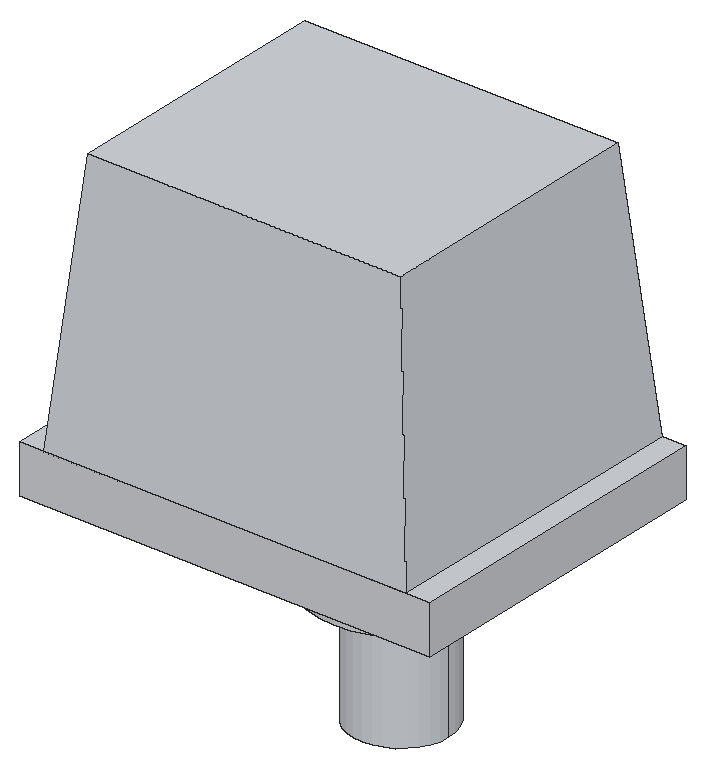
Revit family "82b4d1dfb58847c2bce0806a6144c22a", category Pipe Accessories, Revit 2021
Family settings
  Round Connector Dimension = Use Radius
  Part Type = Sensor
  OmniClass Number = 23.85.30.21.11.17
  OmniClass Title = Other Components
  Seek Item ID = Alarm Pressure Switch-0000-USA-ENU
  Work Plane-Based = No
  Always vertical = Yes
  Cut with Voids When Loaded = No
  Shared = No
Parameters (values of type "1"")
  Switch Width = 0' - 3 83/256"
  Switch Material = none
  Switch Length = 0' - 4 1/4"
  Switch Heigth = 0' - 5 1/8"
  Pipe Material = none
  Nominal Radius = 1/2"
  Nominal Diameter = Nominal Radius * 2  # 1"
  Default Elevation = 0' - 0"
Reference planes (in)
  plane 1 "Center (Front/Back)": y = 0
  plane 2: z = 0
  plane 3 "Center (Left/Right)": x = 0
  plane 4: z = 1.25
  plane 5: z = 1.875
  plane 6: y = 1.66211
  plane 7: y = -1.66211
  plane 8: x = 1.625
  plane 9: x = -2.625
  plane 10: z = 2.375
  plane 11: x = -2.375
  plane 12: x = 1.375
  plane 13: x = -2.125
  plane 14: x = 1.125
  plane 15: y = 1.41211
  plane 16: y = -1.41211
  plane 17: z = 5.125
  plane 18: x = -0.875
  plane 19: x = 0.875
  plane 20: z = 3.75
Forms (in)
  Extrusion 1, solid, material <- "Pipe Material", detail levels fine
    sketch origin (0, 0, 0) x (1, 0, 0) y (0, 1, 0)
      loop
        circle (0, 0) r 0.5
    from 0 to 1.25
  Extrusion 2, solid, material <- "Pipe Material", detail levels fine
    sketch origin (0, 0, 0) x (1, 0, 0) y (0, 1, 0)
      loop
        circle (0, 0) r 0.875
    from 1.25 to 1.875
  Extrusion 3, solid, material <- "Pipe Material", detail levels fine
    sketch origin (0, 0, 0) x (1, 0, 0) y (0, 1, 0)
      loop
        line (-2.625, 1.66211) -> (-2.625, -1.66211) -> (1.625, -1.66211) -> (1.625, 1.66211) -> (-2.625, 1.66211)
    from 1.875 to 2.375
  Blend 4, solid, material <- "Switch Material", detail levels fine
    base sketch origin (0, 0, 0) x (1, 0, 0) y (0, 1, 0)
      loop
        line (-2.375, 1.66211) -> (-2.375, -1.66211) -> (1.375, -1.66211) -> (1.375, 1.66211) -> (-2.375, 1.66211)
    top sketch origin (0, 0, 0) x (1, 0, 0) y (0, 1, 0)
      loop
        line (-2.125, 1.41211) -> (-2.125, -1.41211) -> (1.125, -1.41211) -> (1.125, 1.41211) -> (-2.125, 1.41211)
    from 2.375 to 5.125
Lines and regions (in)
  symbolic lines, detail levels fine
    curve 1: line (-2.125, 1.41211, 0) -> (1.125, 1.41211, 0)
    curve 2: line (-2.125, -1.41211, 0) -> (-2.125, 1.41211, 0)
    curve 3: line (1.125, -1.41211, 0) -> (-2.125, -1.41211, 0)
    curve 4: line (1.125, 1.41211, 0) -> (1.125, -1.41211, 0)
    curve 5: line (-2.375, 1.66211, 0) -> (-2.375, -1.66211, 0)
    curve 6: line (1.375, 1.66211, 0) -> (1.375, -1.66211, 0)
    curve 7: line (-2.375, 1.66211, 0) -> (-2.125, 1.41211, 0)
    curve 8: line (-2.375, -1.66211, 0) -> (-2.125, -1.41211, 0)
    curve 9: line (1.375, -1.66211, 0) -> (1.125, -1.41211, 0)
    curve 10: line (1.125, 1.41211, 0) -> (1.375, 1.66211, 0)
  model lines, detail levels coarse+medium
    curve 11: line (0, 0, 1.25) -> (0, 0, 2.875)
    curve 12: line (-0.875, 0, 1.25) -> (0.875, 0, 1.25)
    curve 13: line (0.875, 0, 1.25) -> (0, 0, 0)
    curve 14: line (-0.875, 0, 1.25) -> (0, 0, 0)
    curve 15: circle (0, 0, 3.75) r 0.875 normal (0, -1, 0)
Dimensions and locks (in)
  locked: plane 2 to plane 4 at 1.25
  locked: plane 4 to plane 5 at 0.625
  "Switch Width": plane 6 to plane 7
  equal spacing: plane 6, plane 1 "Center (Front/Back)", plane 7
  locked: plane 3 "Center (Left/Right)" to plane 8 at 1.625
  "Switch Length": plane 9 to plane 8
  locked: plane 5 to plane 10 at 0.5
  locked: plane 9 to plane 11 at 0.25
  locked: plane 11 to plane 13 at 0.25
  locked: plane 12 to plane 8 at 0.25
  locked: plane 14 to plane 12 at 0.25
  plane 6 to plane 15 = 0' - 0 1/4"
  plane 16 to plane 7 = 0' - 0 1/4"
  "Switch Heigth": plane 2 to plane 17
  radius of Extrusion 1 sketch curve = 0' - 0 1/2"
  radius of Extrusion 2 sketch curve = 0' - 0 7/8"
  aligned and locked: plane 4 to Extrusion 1
  aligned and locked: Extrusion 1 to plane 2
  aligned and locked: Extrusion 2 to plane 4
  aligned and locked: plane 5 to Extrusion 2
  aligned and locked: plane 9 to Extrusion 3 sketch curve
  aligned and locked: Extrusion 3 sketch curve to plane 6
  aligned and locked: plane 7 to Extrusion 3 sketch curve
  aligned and locked: Extrusion 3 sketch curve to plane 8
  aligned and locked: Extrusion 3 to plane 5
  aligned and locked: plane 10 to Extrusion 3
  aligned and locked: Blend 4 sketch curve to plane 6
  aligned and locked: plane 7 to Blend 4 sketch curve
  aligned and locked: Blend 4 sketch curve to plane 12
  aligned and locked: plane 11 to Blend 4 sketch curve
  aligned and locked: plane 13 to Blend 4 sketch curve
  aligned and locked: Blend 4 sketch curve to plane 15
  aligned and locked: plane 16 to Blend 4 sketch curve
  aligned and locked: Blend 4 sketch curve to plane 14
  aligned and locked: Blend 4 to plane 10
  aligned and locked: plane 17 to Blend 4
  aligned and locked: curve 1 to Blend 4  (x2)
  aligned and locked: Blend 4 to curve 4
  aligned and locked: curve 4 to plane 14
  aligned and locked: plane 6 to curve 5
  aligned and locked: plane 7 to curve 5
  aligned and locked: curve 5 to plane 11
  aligned and locked: curve 6 to plane 12
  aligned and locked: curve 8 to Blend 4
  aligned and locked: curve 9 to Blend 4
  aligned and locked: curve 10 to Blend 4
  aligned and locked: plane 4 to Extrusion 2
  aligned and locked: plane 18 to Extrusion 2
  aligned and locked: plane 19 to Extrusion 2
  aligned and locked: level to curve 13
  aligned and locked: plane 18 to curve 14
  aligned and locked: plane 20 to curve 15
  aligned and locked: plane 3 "Center (Left/Right)" to curve 15
  aligned and locked: plane 3 "Center (Left/Right)" to curve 11
  aligned and locked: plane 4 to curve 11
  aligned and locked: curve 12 to plane 4
  aligned and locked: plane 19 to curve 12
Automatic sketch dimensions
  Extrusion 1 sketch curve to plane 1 "Center (Front/Back)" = 0' - 0"
  Extrusion 1 sketch curve to plane 3 "Center (Left/Right)" = 0' - 0"
  Extrusion 2 sketch curve to plane 1 "Center (Front/Back)" = 0' - 0"
  Extrusion 2 sketch curve to plane 3 "Center (Left/Right)" = 0' - 0"
  curve 14 to plane 3 "Center (Left/Right)" = 0' - 0"
  plane 10 to curve 11 = 0' - 0 1/2"
Connectors (in)
  piping at (0, 0, 0), diameter 1, driven by "Nominal Radius"
    settings: on Extrusion 1, index 1, connector inside diameter 1", connector length 0' - 0", flow factor 0, pipe flow 0 GPM, pressure drop 0.00 psi, fitting loss kfactor 0, connector angle 0.00°, fixture units 0, engagement length 0' - 0", angle of deflection 0.00°, flow configuration 0, flow direction 0, fitting loss method 0, system type 29, joint type 0, gender type 0, connector reference index -1, connector utility 0, adjustable connector no, is connector primary yes, connector description ""
  electrical at (-0.5, 0, 5.125)
    settings: on Blend 4, index 2, voltage 0 V, apparent load 0 VA, apparent load phase1 0 VA, apparent load phase2 0 VA, apparent load phase3 0 VA, power factor 1, load classification "Other", number of poles 1, system type 11, power factor state 1, is connector primary yes, connector utility no, sub classification motor no, connector description ""
